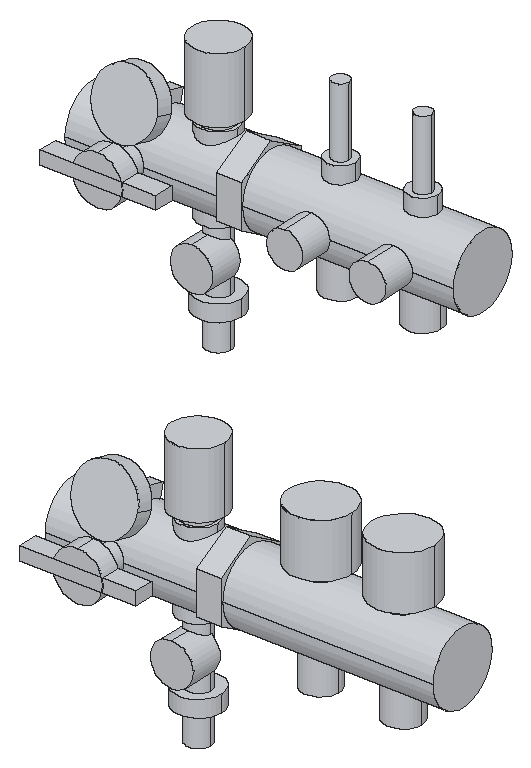
Revit family "318_f16c880827e94962872f661bd91b36", category Pipe Accessories, Revit 2017
Family settings
  Round Connector Dimension = Use Diameter
  Part Type = Valve - Normal
  Work Plane-Based = No
  Always vertical = Yes
  Cut with Voids When Loaded = No
  Shared = No
Parameters (values of type "R553FK102")
  magi_piping_qv_2_2 [instance] = 0.0 L/s
  magi_piping_qv_2_1 [instance] = 0.0 L/s
  magi_piping_qv_1_2 [instance] = 0.0 L/s
  magi_piping_qv_1_1 [instance] = 0.0 L/s
  magi_piping_qv [instance] = 0.0 L/s
  magi_piping_power_2 [instance] = 0 W
  magi_piping_power_1 [instance] = 0 W
  magi_piping_kv_2 [instance] = 0
  magi_piping_kv_1 [instance] = 0
  magi_piping_dpTot_2 [instance] = 0.0 Pa
  magi_piping_dpTot_1 [instance] = 0.0 Pa
  magi_adjustmentValue_2 [instance] = ""
  magi_adjustmentValue_1 [instance] = ""
  magiProductId = "f16c880827e94962872f661bd91b36"
  magiProductFamilyId = "f16c880827e94962872f661bd91b36"
  magiProductCode = "R553FK102"
  magiPartTypeId = 318
  Y = 15 mm
  VersionID = "2.0/2016.10.37.0/GIACOMINI_R553FK_001"
  URL = "http://www.giacomini.com/en"
  SMP = 25 mm
  SBP9 = 18 mm
  SBP8 = 18 mm
  SBP7 = 18 mm
  SBP6 = 18 mm
  SBP5 = 18 mm
  SBP4 = 18 mm
  SBP3 = 18 mm
  SBP2 = 18 mm
  SBP12 = 18 mm
  SBP11 = 18 mm
  SBP10 = 18 mm
  SBP1 = 18 mm
  RMP = 25 mm
  RBP9 = 18 mm
  RBP8 = 18 mm
  RBP7 = 18 mm
  RBP6 = 18 mm
  RBP5 = 18 mm
  RBP4 = 18 mm
  RBP3 = 18 mm
  RBP2 = 18 mm
  RBP12 = 18 mm
  RBP11 = 18 mm
  RBP10 = 18 mm
  RBP1 = 18 mm
  R2 = 22 mm
  QmdConnectorList = "321;SMP;322;SBP1;323;SBP2;351;RMP;352;RBP1;353;RBP2"
  Productdata [instance] = "© Progman Oy, all rights reserved"
  N9 = no
  N8 = no
  N7 = no
  N6 = no
  N5 = no
  N4 = no
  N3 = no
  N12 = no
  N11 = no
  N10 = no
  Manufacturer = "Giacomini"
  MC_Default_elevation = 0 mm
  L = 235 mm
  I = 50 mm
  H5 = 33 mm
  H4 = 5 mm
  H3__ve = -H3  # -40 mm
  H3 = 40 mm
  H2__ve = -H2  # -20 mm
  H2 = 20 mm
  H12 = 42 mm
  H11 = 10 mm
  Flow supply main [instance] = Flow supply 1 + Flow supply 2  # 0.0 L/s
  Flow supply 2 [instance] = 0.0 L/s
  Flow supply 1 [instance] = 0.0 L/s
  Flow return main [instance] = Flow return 1 + Flow return 2  # 0.0 L/s
  Flow return 2 [instance] = 0.0 L/s
  Flow return 1 [instance] = 0.0 L/s
  E = 208 mm
  Description = "PREASSEMBLED MANIFOLD KIT WITH FLOW METERS"
  D5 = 38 mm
  D4 = 22 mm
  D32 = 10 mm
  D31 = 18 mm
  D2 = 44 mm
  CAT0 = yes
  A = 149 mm
Reference planes
  plane 1 "Center (Front/Back)": y = 0
  plane 2 "XYPLANE": z = 0
  plane 3 "Center (Left/Right)": x = 0
  plane 4 "INIT_TEMP": y = 100
  plane 5 "414": y = -48
  plane 6 "413": z = -178
  plane 7 "412": y = -30
  plane 8 "411": z = -178
  plane 9 "410": z = -274
  plane 10 "409": z = -254
  plane 11 "408": z = -234
  plane 12 "407": z = -177
  plane 13 "406": z = -182
  plane 14 "405": y = -15
  plane 15 "404": z = 30
  plane 16 "403": y = -33
  plane 17 "402": x = 38
  plane 18 "401": z = 30
  plane 19 "400": z = -66
  plane 20 "399": z = -46
  plane 21 "398": z = -26
  plane 22 "397": z = 31
  plane 23 "396": x = 92
  plane 24 "395": z = 26
  plane 25 "394": x = 75
  plane 26 "393": z = -248
  plane 27 "392": z = -181
  plane 28 "391": z = -186
  plane 29 "390": z = -40
  plane 30 "389": x = 0
  plane 31 "388": y = 0
  plane 32 "387": y = -15
  plane 33 "386": z = -208
  plane 34 "385": z = 0
  plane 35 "384": z = 22
  plane 36 "383": x = 149
  plane 37 "382": x = 199
  plane 38 "381": y = -22
  plane 39 "380": x = 249
  plane 40 "379": z = 32
  plane 41 "378": x = 299
  plane 42 "377": x = 349
  plane 43 "376": x = 399
  plane 44 "375": x = 449
  plane 45 "374": x = 499
  plane 46 "373": x = 549
  plane 47 "372": x = 599
  plane 48 "371": x = 649
  plane 49 "370": x = 699
  plane 50 "1126": through (-712, -15, -178) normal (0, -0.2588, -0.9659)
  plane 51 "1127": through (-712, -30, -178) normal (0, 0.9659, -0.2588)
  plane 52 "1128": through (-712, -15, 30) normal (0, -0.9659, 0.2588)
  plane 53 "1129": through (-712, 0, 30) normal (0, 0.2588, 0.9659)
Forms (mm)
  Extrusion 1, solid
    sketch origin (750, -48, 0) x (-1, 0, 0) y (0, 0, 1)
      loop
        circle (712, -208) r 15
    from 0 to -12
  Extrusion 2, solid
    sketch origin (-712, -15, -178) x (1, 0, 0) y (0, -0.965926, 0.258819)
      loop
        line (746, -15) -> (754, -15) -> (754, 15) -> (746, 15) -> (746, -15)
    from 0 to 18
  Extrusion 3, solid
    sketch origin (750, -15, 0) x (-1, 0, 0) y (0, 0, 1)
      loop
        circle (712, -208) r 9
    from 0 to -33
  Extrusion 4, solid
    sketch origin (750, -48, 0) x (-1, 0, 0) y (0, 0, 1)
      loop
        line (677, -204) -> (677, -212) -> (747, -212) -> (747, -204) -> (677, -204)
    from 0 to -12
  Extrusion 5, solid
    sketch origin (-712, -30, -178) x (1, 0, 0) y (0, -0.258819, -0.965926)
      loop
        circle (750, 0) r 20
    from 0 to -10
  Extrusion 6, solid
    sketch origin (-750, 0, -182) x (1, 0, 0) y (0, 1, 0)
      loop
        circle (825, -15) r 12
    from 0 to -52
  Extrusion 7, solid
    sketch origin (92, -750, 0) x (0, 1, 0) y (0, 0, 1)
      loop
        line (735, -182) -> (712.483, -195) -> (712.483, -221) -> (735, -234) -> (757.517, -221) -> (757.517, -195) -> (735, -182)
    from 0 to 15
  Extrusion 8, solid
    sketch origin (-750, 0, -182) x (1, 0, 0) y (0, 1, 0)
      loop
        circle (825, -15) r 10
    from 0 to 5
  Extrusion 9, solid
    sketch origin (-750, 0, -177) x (1, 0, 0) y (0, 1, 0)
      loop
        circle (825, -15) r 16
    from 0 to 40
  Extrusion 10, solid
    sketch origin (-750, 0, -234) x (1, 0, 0) y (0, 1, 0)
      loop
        circle (825, -15) r 7.5
    from 0 to -70
  Extrusion 11, solid
    sketch origin (750, -15, 0) x (-1, 0, 0) y (0, 0, 1)
      loop
        circle (675, -254) r 13
    from 0 to -20
  Extrusion 12, solid
    sketch origin (-750, 0, -274) x (1, 0, 0) y (0, 1, 0)
      loop
        circle (825, -15) r 14
    from 0 to -10
  Extrusion 13, solid
    sketch origin (-712, -15, 30) x (1, 0, 0) y (0, 0.258819, 0.965926)
      loop
        circle (750, 0) r 20
    from 0 to 10
  Extrusion 14, solid
    sketch origin (750, -33, 0) x (-1, 0, 0) y (0, 0, 1)
      loop
        line (677, 4) -> (677, -4) -> (747, -4) -> (747, 4) -> (677, 4)
    from 0 to -12
  Extrusion 15, solid
    sketch origin (750, 0, 0) x (-1, 0, 0) y (0, 0, 1)
      loop
        circle (712, 0) r 9
    from 0 to -33
  Extrusion 16, solid
    sketch origin (-712, 0, 30) x (1, 0, 0) y (0, 0.965926, -0.258819)
      loop
        line (746, 15) -> (746, -15) -> (754, -15) -> (754, 15) -> (746, 15)
    from 0 to -18
  Extrusion 17, solid
    sketch origin (750, -33, 0) x (-1, 0, 0) y (0, 0, 1)
      loop
        circle (712, 0) r 15
    from 0 to -12
  Extrusion 18, solid
    sketch origin (-750, 0, -66) x (1, 0, 0) y (0, 1, 0)
      loop
        circle (825, 0) r 14
    from 0 to -10
  Extrusion 19, solid
    sketch origin (750, 0, 0) x (-1, 0, 0) y (0, 0, 1)
      loop
        circle (675, -46) r 13
    from 0 to -20
  Extrusion 20, solid
    sketch origin (-750, 0, -26) x (1, 0, 0) y (0, 1, 0)
      loop
        circle (825, 0) r 7.5
    from 0 to -70
  Extrusion 21, solid
    sketch origin (-750, 0, 31) x (1, 0, 0) y (0, 1, 0)
      loop
        circle (825, 0) r 16
    from 0 to 40
  Extrusion 22, solid
    sketch origin (-750, 0, 26) x (1, 0, 0) y (0, 1, 0)
      loop
        circle (825, 0) r 10
    from 0 to 5
  Extrusion 23, solid
    sketch origin (92, -750, 0) x (0, 1, 0) y (0, 0, 1)
      loop
        line (750, 26) -> (727.483, 13) -> (727.483, -13) -> (750, -26) -> (772.517, -13) -> (772.517, 13) -> (750, 26)
    from 0 to 15
  Extrusion 24, solid
    sketch origin (-750, 0, 26) x (1, 0, 0) y (0, 1, 0)
      loop
        circle (825, 0) r 12
    from 0 to -52
  Extrusion 25, solid, visible <- "N10"
    sketch origin (-750, 0, -208) x (1, 0, 0) y (0, 1, 0)
      loop
        circle (1349, -15) r 11
    from 0 to -40 <- "H3__ve"
  Extrusion 26, solid, visible <- "N10"
    sketch origin (-750, 0, -186) x (1, 0, 0) y (0, 1, 0)
      loop
        circle (1349, -15) r 11
    from 0 to 5 <- "H4"
  Extrusion 27, solid, visible <- "N10"
    sketch origin (-750, 0, -181) x (1, 0, 0) y (0, 1, 0)
      loop
        circle (1349, -15) r 19
    from 0 to 33 <- "H5"
  Extrusion 28, solid, visible <- "N12"
    sketch origin (-750, 0, -181) x (1, 0, 0) y (0, 1, 0)
      loop
        circle (1449, -15) r 19
    from 0 to 33 <- "H5"
  Extrusion 29, solid, visible <- "N12"
    sketch origin (-750, 0, -186) x (1, 0, 0) y (0, 1, 0)
      loop
        circle (1449, -15) r 11
    from 0 to 5 <- "H4"
  Extrusion 30, solid, visible <- "N12"
    sketch origin (-750, 0, -208) x (1, 0, 0) y (0, 1, 0)
      loop
        circle (1449, -15) r 11
    from 0 to -40 <- "H3__ve"
  Extrusion 31, solid, visible <- "N11"
    sketch origin (-750, 0, -208) x (1, 0, 0) y (0, 1, 0)
      loop
        circle (1399, -15) r 11
    from 0 to -40 <- "H3__ve"
  Extrusion 32, solid, visible <- "N11"
    sketch origin (-750, 0, -186) x (1, 0, 0) y (0, 1, 0)
      loop
        circle (1399, -15) r 11
    from 0 to 5 <- "H4"
  Extrusion 33, solid, visible <- "N11"
    sketch origin (-750, 0, -181) x (1, 0, 0) y (0, 1, 0)
      loop
        circle (1399, -15) r 19
    from 0 to 33 <- "H5"
  Extrusion 34, solid, visible <- "N8"
    sketch origin (-750, 0, -181) x (1, 0, 0) y (0, 1, 0)
      loop
        circle (1249, -15) r 19
    from 0 to 33 <- "H5"
  Extrusion 35, solid, visible <- "N8"
    sketch origin (-750, 0, -186) x (1, 0, 0) y (0, 1, 0)
      loop
        circle (1249, -15) r 11
    from 0 to 5 <- "H4"
  Extrusion 36, solid, visible <- "N8"
    sketch origin (-750, 0, -208) x (1, 0, 0) y (0, 1, 0)
      loop
        circle (1249, -15) r 11
    from 0 to -40 <- "H3__ve"
  Extrusion 37, solid, visible <- "N9"
    sketch origin (-750, 0, -208) x (1, 0, 0) y (0, 1, 0)
      loop
        circle (1299, -15) r 11
    from 0 to -40 <- "H3__ve"
  Extrusion 38, solid, visible <- "N9"
    sketch origin (-750, 0, -186) x (1, 0, 0) y (0, 1, 0)
      loop
        circle (1299, -15) r 11
    from 0 to 5 <- "H4"
  Extrusion 39, solid, visible <- "N9"
    sketch origin (-750, 0, -181) x (1, 0, 0) y (0, 1, 0)
      loop
        circle (1299, -15) r 19
    from 0 to 33 <- "H5"
  Extrusion 40, solid, visible <- "N7"
    sketch origin (-750, 0, -181) x (1, 0, 0) y (0, 1, 0)
      loop
        circle (1199, -15) r 19
    from 0 to 33 <- "H5"
  Extrusion 41, solid, visible <- "N7"
    sketch origin (-750, 0, -186) x (1, 0, 0) y (0, 1, 0)
      loop
        circle (1199, -15) r 11
    from 0 to 5 <- "H4"
  Extrusion 42, solid, visible <- "N7"
    sketch origin (-750, 0, -208) x (1, 0, 0) y (0, 1, 0)
      loop
        circle (1199, -15) r 11
    from 0 to -40 <- "H3__ve"
  Extrusion 43, solid, visible <- "N6"
    sketch origin (-750, 0, -208) x (1, 0, 0) y (0, 1, 0)
      loop
        circle (1149, -15) r 11
    from 0 to -40 <- "H3__ve"
  Extrusion 44, solid, visible <- "N6"
    sketch origin (-750, 0, -186) x (1, 0, 0) y (0, 1, 0)
      loop
        circle (1149, -15) r 11
    from 0 to 5 <- "H4"
  Extrusion 45, solid, visible <- "N6"
    sketch origin (-750, 0, -181) x (1, 0, 0) y (0, 1, 0)
      loop
        circle (1149, -15) r 19
    from 0 to 33 <- "H5"
  Extrusion 46, solid, visible <- "N5"
    sketch origin (-750, 0, -181) x (1, 0, 0) y (0, 1, 0)
      loop
        circle (1099, -15) r 19
    from 0 to 33 <- "H5"
  Extrusion 47, solid, visible <- "N5"
    sketch origin (-750, 0, -186) x (1, 0, 0) y (0, 1, 0)
      loop
        circle (1099, -15) r 11
    from 0 to 5 <- "H4"
  Extrusion 48, solid, visible <- "N5"
    sketch origin (-750, 0, -208) x (1, 0, 0) y (0, 1, 0)
      loop
        circle (1099, -15) r 11
    from 0 to -40 <- "H3__ve"
  Extrusion 49, solid, visible <- "N4"
    sketch origin (-750, 0, -208) x (1, 0, 0) y (0, 1, 0)
      loop
        circle (1049, -15) r 11
    from 0 to -40 <- "H3__ve"
  Extrusion 50, solid, visible <- "N4"
    sketch origin (-750, 0, -186) x (1, 0, 0) y (0, 1, 0)
      loop
        circle (1049, -15) r 11
    from 0 to 5 <- "H4"
  Extrusion 51, solid, visible <- "N4"
    sketch origin (-750, 0, -181) x (1, 0, 0) y (0, 1, 0)
      loop
        circle (1049, -15) r 19
    from 0 to 33 <- "H5"
  Extrusion 52, solid, visible <- "N3"
    sketch origin (-750, 0, -181) x (1, 0, 0) y (0, 1, 0)
      loop
        circle (999, -15) r 19
    from 0 to 33 <- "H5"
  Extrusion 53, solid, visible <- "N3"
    sketch origin (-750, 0, -186) x (1, 0, 0) y (0, 1, 0)
      loop
        circle (999, -15) r 11
    from 0 to 5 <- "H4"
  Extrusion 54, solid
    sketch origin (-750, 0, -186) x (1, 0, 0) y (0, 1, 0)
      loop
        circle (949, -15) r 11
    from 0 to 5 <- "H4"
  Extrusion 55, solid
    sketch origin (-750, 0, -181) x (1, 0, 0) y (0, 1, 0)
      loop
        circle (949, -15) r 19
    from 0 to 33 <- "H5"
  Extrusion 56, solid
    sketch origin (-750, 0, -181) x (1, 0, 0) y (0, 1, 0)
      loop
        circle (899, -15) r 19
    from 0 to 33 <- "H5"
  Extrusion 57, solid
    sketch origin (-750, 0, -186) x (1, 0, 0) y (0, 1, 0)
      loop
        circle (899, -15) r 11
    from 0 to 5 <- "H4"
  Extrusion 58, solid, visible <- "N3"
    sketch origin (-750, 0, -208) x (1, 0, 0) y (0, 1, 0)
      loop
        circle (999, -15) r 11
    from 0 to -40 <- "H3__ve"
  Extrusion 59, solid
    sketch origin (-750, 0, -208) x (1, 0, 0) y (0, 1, 0)
      loop
        circle (899, -15) r 11
    from 0 to -40 <- "H3__ve"
  Extrusion 60, solid
    sketch origin (-750, 0, -208) x (1, 0, 0) y (0, 1, 0)
      loop
        circle (949, -15) r 11
    from 0 to -40 <- "H3__ve"
  Extrusion 61, solid, visible <- "CAT0"
    sketch origin (0, -750, 0) x (0, 1, 0) y (0, 0, 1)
      loop
        circle (735, -208) r 22
    from 0 to 235 <- "L"
  Extrusion 62, solid, visible <- "N8"
    sketch origin (-750, 0, 0) x (1, 0, 0) y (0, 1, 0)
      loop
        circle (1249, 0) r 11
    from 0 to -40 <- "H3__ve"
  Extrusion 63, solid, visible <- "N9"
    sketch origin (-750, 0, 0) x (1, 0, 0) y (0, 1, 0)
      loop
        circle (1299, 0) r 11
    from 0 to -40 <- "H3__ve"
  Extrusion 64, solid, visible <- "N10"
    sketch origin (-750, 0, 0) x (1, 0, 0) y (0, 1, 0)
      loop
        circle (1349, 0) r 11
    from 0 to -40 <- "H3__ve"
  Extrusion 65, solid, visible <- "N11"
    sketch origin (-750, 0, 0) x (1, 0, 0) y (0, 1, 0)
      loop
        circle (1399, 0) r 11
    from 0 to -40 <- "H3__ve"
  Extrusion 66, solid, visible <- "N12"
    sketch origin (-750, 0, 0) x (1, 0, 0) y (0, 1, 0)
      loop
        circle (1449, 0) r 11
    from 0 to -40 <- "H3__ve"
  Extrusion 67, solid, visible <- "N7"
    sketch origin (-750, 0, 0) x (1, 0, 0) y (0, 1, 0)
      loop
        circle (1199, 0) r 11
    from 0 to -40 <- "H3__ve"
  Extrusion 68, solid, visible <- "N6"
    sketch origin (-750, 0, 0) x (1, 0, 0) y (0, 1, 0)
      loop
        circle (1149, 0) r 11
    from 0 to -40 <- "H3__ve"
  Extrusion 69, solid, visible <- "N5"
    sketch origin (-750, 0, 0) x (1, 0, 0) y (0, 1, 0)
      loop
        circle (1099, 0) r 11
    from 0 to -40 <- "H3__ve"
  Extrusion 70, solid, visible <- "N4"
    sketch origin (-750, 0, 0) x (1, 0, 0) y (0, 1, 0)
      loop
        circle (1049, 0) r 11
    from 0 to -40 <- "H3__ve"
  Extrusion 71, solid, visible <- "N3"
    sketch origin (-750, 0, 0) x (1, 0, 0) y (0, 1, 0)
      loop
        circle (999, 0) r 11
    from 0 to -40 <- "H3__ve"
  Extrusion 72, solid
    sketch origin (-750, 0, 0) x (1, 0, 0) y (0, 1, 0)
      loop
        circle (949, 0) r 11
    from 0 to -40 <- "H3__ve"
  Extrusion 73, solid
    sketch origin (-750, 0, 0) x (1, 0, 0) y (0, 1, 0)
      loop
        circle (899, 0) r 11
    from 0 to -40 <- "H3__ve"
  Extrusion 74, solid, visible <- "CAT0"
    sketch origin (0, -750, 0) x (0, 1, 0) y (0, 0, 1)
      loop
        circle (750, 0) r 22
    from 0 to 235 <- "L"
  Extrusion 75, solid
    sketch origin (-750, 0, 22) x (1, 0, 0) y (0, 1, 0)
      loop
        circle (899, 0) r 9
    from 0 to 10 <- "H11"
  Extrusion 76, solid
    sketch origin (750, -22, 0) x (-1, 0, 0) y (0, 0, 1)
      loop
        circle (601, 0) r 11
    from 0 to -20 <- "H2__ve"
  Extrusion 77, solid
    sketch origin (750, -22, 0) x (-1, 0, 0) y (0, 0, 1)
      loop
        circle (551, 0) r 11
    from 0 to -20 <- "H2__ve"
  Extrusion 78, solid, visible <- "N3"
    sketch origin (750, -22, 0) x (-1, 0, 0) y (0, 0, 1)
      loop
        circle (501, 0) r 11
    from 0 to -20 <- "H2__ve"
  Extrusion 79, solid
    sketch origin (-750, 0, 32) x (1, 0, 0) y (0, 1, 0)
      loop
        circle (899, 0) r 5
    from 0 to 42 <- "H12"
  Extrusion 80, solid
    sketch origin (-750, 0, 32) x (1, 0, 0) y (0, 1, 0)
      loop
        circle (949, 0) r 5
    from 0 to 42 <- "H12"
  Extrusion 81, solid
    sketch origin (-750, 0, 22) x (1, 0, 0) y (0, 1, 0)
      loop
        circle (949, 0) r 9
    from 0 to 10 <- "H11"
  Extrusion 82, solid, visible <- "N3"
    sketch origin (-750, 0, 22) x (1, 0, 0) y (0, 1, 0)
      loop
        circle (999, 0) r 9
    from 0 to 10 <- "H11"
  Extrusion 83, solid, visible <- "N3"
    sketch origin (-750, 0, 32) x (1, 0, 0) y (0, 1, 0)
      loop
        circle (999, 0) r 5
    from 0 to 42 <- "H12"
  Extrusion 84, solid, visible <- "N4"
    sketch origin (-750, 0, 32) x (1, 0, 0) y (0, 1, 0)
      loop
        circle (1049, 0) r 5
    from 0 to 42 <- "H12"
  Extrusion 85, solid, visible <- "N4"
    sketch origin (-750, 0, 22) x (1, 0, 0) y (0, 1, 0)
      loop
        circle (1049, 0) r 9
    from 0 to 10 <- "H11"
  Extrusion 86, solid, visible <- "N4"
    sketch origin (750, -22, 0) x (-1, 0, 0) y (0, 0, 1)
      loop
        circle (451, 0) r 11
    from 0 to -20 <- "H2__ve"
  Extrusion 87, solid, visible <- "N5"
    sketch origin (750, -22, 0) x (-1, 0, 0) y (0, 0, 1)
      loop
        circle (401, 0) r 11
    from 0 to -20 <- "H2__ve"
  Extrusion 88, solid, visible <- "N5"
    sketch origin (-750, 0, 22) x (1, 0, 0) y (0, 1, 0)
      loop
        circle (1099, 0) r 9
    from 0 to 10 <- "H11"
  Extrusion 89, solid, visible <- "N5"
    sketch origin (-750, 0, 32) x (1, 0, 0) y (0, 1, 0)
      loop
        circle (1099, 0) r 5
    from 0 to 42 <- "H12"
  Extrusion 90, solid, visible <- "N6"
    sketch origin (-750, 0, 32) x (1, 0, 0) y (0, 1, 0)
      loop
        circle (1149, 0) r 5
    from 0 to 42 <- "H12"
  Extrusion 91, solid, visible <- "N6"
    sketch origin (-750, 0, 22) x (1, 0, 0) y (0, 1, 0)
      loop
        circle (1149, 0) r 9
    from 0 to 10 <- "H11"
  Extrusion 92, solid, visible <- "N6"
    sketch origin (750, -22, 0) x (-1, 0, 0) y (0, 0, 1)
      loop
        circle (351, 0) r 11
    from 0 to -20 <- "H2__ve"
  Extrusion 93, solid, visible <- "N7"
    sketch origin (750, -22, 0) x (-1, 0, 0) y (0, 0, 1)
      loop
        circle (301, 0) r 11
    from 0 to -20 <- "H2__ve"
  Extrusion 94, solid, visible <- "N7"
    sketch origin (-750, 0, 22) x (1, 0, 0) y (0, 1, 0)
      loop
        circle (1199, 0) r 9
    from 0 to 10 <- "H11"
  Extrusion 95, solid, visible <- "N7"
    sketch origin (-750, 0, 32) x (1, 0, 0) y (0, 1, 0)
      loop
        circle (1199, 0) r 5
    from 0 to 42 <- "H12"
  Extrusion 96, solid, visible <- "N8"
    sketch origin (-750, 0, 32) x (1, 0, 0) y (0, 1, 0)
      loop
        circle (1249, 0) r 5
    from 0 to 42 <- "H12"
  Extrusion 97, solid, visible <- "N8"
    sketch origin (-750, 0, 22) x (1, 0, 0) y (0, 1, 0)
      loop
        circle (1249, 0) r 9
    from 0 to 10 <- "H11"
  Extrusion 98, solid, visible <- "N8"
    sketch origin (750, -22, 0) x (-1, 0, 0) y (0, 0, 1)
      loop
        circle (251, 0) r 11
    from 0 to -20 <- "H2__ve"
  Extrusion 99, solid, visible <- "N10"
    sketch origin (750, -22, 0) x (-1, 0, 0) y (0, 0, 1)
      loop
        circle (151, 0) r 11
    from 0 to -20 <- "H2__ve"
  Extrusion 100, solid, visible <- "N10"
    sketch origin (-750, 0, 22) x (1, 0, 0) y (0, 1, 0)
      loop
        circle (1349, 0) r 9
    from 0 to 10 <- "H11"
  Extrusion 101, solid, visible <- "N10"
    sketch origin (-750, 0, 32) x (1, 0, 0) y (0, 1, 0)
      loop
        circle (1349, 0) r 5
    from 0 to 42 <- "H12"
  Extrusion 102, solid, visible <- "N9"
    sketch origin (-750, 0, 32) x (1, 0, 0) y (0, 1, 0)
      loop
        circle (1299, 0) r 5
    from 0 to 42 <- "H12"
  Extrusion 103, solid, visible <- "N9"
    sketch origin (-750, 0, 22) x (1, 0, 0) y (0, 1, 0)
      loop
        circle (1299, 0) r 9
    from 0 to 10 <- "H11"
  Extrusion 104, solid, visible <- "N9"
    sketch origin (750, -22, 0) x (-1, 0, 0) y (0, 0, 1)
      loop
        circle (201, 0) r 11
    from 0 to -20 <- "H2__ve"
  Extrusion 105, solid, visible <- "N11"
    sketch origin (-750, 0, 32) x (1, 0, 0) y (0, 1, 0)
      loop
        circle (1399, 0) r 5
    from 0 to 42 <- "H12"
  Extrusion 106, solid, visible <- "N11"
    sketch origin (-750, 0, 22) x (1, 0, 0) y (0, 1, 0)
      loop
        circle (1399, 0) r 9
    from 0 to 10 <- "H11"
  Extrusion 107, solid, visible <- "N11"
    sketch origin (750, -22, 0) x (-1, 0, 0) y (0, 0, 1)
      loop
        circle (101, 0) r 11
    from 0 to -20 <- "H2__ve"
  Extrusion 108, solid, visible <- "N12"
    sketch origin (750, -22, 0) x (-1, 0, 0) y (0, 0, 1)
      loop
        circle (51, 0) r 11
    from 0 to -20 <- "H2__ve"
  Extrusion 109, solid, visible <- "N12"
    sketch origin (-750, 0, 22) x (1, 0, 0) y (0, 1, 0)
      loop
        circle (1449, 0) r 9
    from 0 to 10 <- "H11"
  Extrusion 110, solid, visible <- "N12"
    sketch origin (-750, 0, 32) x (1, 0, 0) y (0, 1, 0)
      loop
        circle (1449, 0) r 5
    from 0 to 42 <- "H12"
  Extrusion 111, solid, not visible
    sketch origin (-750, 0, -248) x (1, 0, 0) y (0, 1, 0)
      loop
        circle (949, -15) r 10
    from 0 to 10
  Extrusion 112, solid, not visible
    sketch origin (-750, 0, -248) x (1, 0, 0) y (0, 1, 0)
      loop
        circle (899, -15) r 10
    from 0 to 10
  Extrusion 113, solid, not visible
    sketch origin (0, -750, 0) x (0, 1, 0) y (0, 0, 1)
      loop
        circle (750, 0) r 10
    from 0 to 10
  Extrusion 114, solid, not visible
    sketch origin (0, -750, 0) x (0, 1, 0) y (0, 0, 1)
      loop
        circle (735, -208) r 10
    from 0 to 10
  Extrusion 115, solid, not visible
    sketch origin (-750, 0, -40) x (1, 0, 0) y (0, 1, 0)
      loop
        circle (899, 0) r 10
    from 0 to 10
  Extrusion 116, solid, not visible
    sketch origin (-750, 0, -40) x (1, 0, 0) y (0, 1, 0)
      loop
        circle (949, 0) r 10
    from 0 to 10
Text (mm)
  text "© Progman Oy, all rights reserved" at (-472.209, -2482.653, 0), in view "Ref. Level"
Dimensions and locks
  plane 4 "INIT_TEMP" to plane 1 "Center (Front/Back)" = 100 mm
  locked: plane 32 "387" to plane 5 "414" at 33
  locked: plane 33 "386" to plane 6 "413" at 30
  locked: plane 32 "387" to plane 7 "412" at 15
  locked: plane 33 "386" to plane 8 "411" at 30
  locked: plane 11 "408" to plane 9 "410" at 40
  locked: plane 11 "408" to plane 10 "409" at 20
  locked: plane 13 "406" to plane 11 "408" at 52
  locked: plane 13 "406" to plane 12 "407" at 5
  locked: plane 33 "386" to plane 13 "406" at 26
  locked: plane 1 "Center (Front/Back)" to plane 14 "405" at 15
  locked: plane 2 "XYPLANE" to plane 15 "404" at 30
  locked: plane 1 "Center (Front/Back)" to plane 16 "403" at 33
  locked: plane 3 "Center (Left/Right)" to plane 17 "402" at 38
  locked: plane 2 "XYPLANE" to plane 18 "401" at 30
  locked: plane 21 "398" to plane 19 "400" at 40
  locked: plane 21 "398" to plane 20 "399" at 20
  locked: plane 24 "395" to plane 21 "398" at 52
  locked: plane 24 "395" to plane 22 "397" at 5
  locked: plane 25 "394" to plane 23 "396" at 17
  locked: plane 2 "XYPLANE" to plane 24 "395" at 26
  locked: plane 3 "Center (Left/Right)" to plane 25 "394" at 75
  "H3": plane 33 "386" to plane 26 "393"
  "H4": plane 28 "391" to plane 27 "392"
  "R2": plane 33 "386" to plane 28 "391"
  "H3": plane 2 "XYPLANE" to plane 29 "390"
  locked: plane 3 "Center (Left/Right)" to plane 30 "389"
  locked: plane 1 "Center (Front/Back)" to plane 31 "388"
  "Y": plane 1 "Center (Front/Back)" to plane 32 "387"
  "E": plane 2 "XYPLANE" to plane 33 "386"
  locked: plane 2 "XYPLANE" to plane 34 "385"
  "R2": plane 2 "XYPLANE" to plane 35 "384"
  "A": plane 3 "Center (Left/Right)" to plane 36 "383"
  "I": plane 36 "383" to plane 37 "382"
  "R2": plane 1 "Center (Front/Back)" to plane 38 "381"
  "I": plane 37 "382" to plane 39 "380"
  "H11": plane 35 "384" to plane 40 "379"
  "I": plane 39 "380" to plane 41 "378"
  "I": plane 41 "378" to plane 42 "377"
  "I": plane 42 "377" to plane 43 "376"
  "I": plane 43 "376" to plane 44 "375"
  "I": plane 44 "375" to plane 45 "374"
  "I": plane 45 "374" to plane 46 "373"
  "I": plane 46 "373" to plane 47 "372"
  "I": plane 47 "372" to plane 48 "371"
  "I": plane 48 "371" to plane 49 "370"
  "D4": diameter of Extrusion 25 sketch curve
  "D4": diameter of Extrusion 26 sketch curve
  "D5": diameter of Extrusion 27 sketch curve
  "D5": diameter of Extrusion 28 sketch curve
  "D4": diameter of Extrusion 29 sketch curve
  "D4": diameter of Extrusion 30 sketch curve
  "D4": diameter of Extrusion 31 sketch curve
  "D4": diameter of Extrusion 32 sketch curve
  "D5": diameter of Extrusion 33 sketch curve
  "D5": diameter of Extrusion 34 sketch curve
  "D4": diameter of Extrusion 35 sketch curve
  "D4": diameter of Extrusion 36 sketch curve
  "D4": diameter of Extrusion 37 sketch curve
  "D4": diameter of Extrusion 38 sketch curve
  "D5": diameter of Extrusion 39 sketch curve
  "D5": diameter of Extrusion 40 sketch curve
  "D4": diameter of Extrusion 41 sketch curve
  "D4": diameter of Extrusion 42 sketch curve
  "D4": diameter of Extrusion 43 sketch curve
  "D4": diameter of Extrusion 44 sketch curve
  "D5": diameter of Extrusion 45 sketch curve
  "D5": diameter of Extrusion 46 sketch curve
  "D4": diameter of Extrusion 47 sketch curve
  "D4": diameter of Extrusion 48 sketch curve
  "D4": diameter of Extrusion 49 sketch curve
  "D4": diameter of Extrusion 50 sketch curve
  "D5": diameter of Extrusion 51 sketch curve
  "D5": diameter of Extrusion 52 sketch curve
  "D4": diameter of Extrusion 53 sketch curve
  "D4": diameter of Extrusion 54 sketch curve
  "D5": diameter of Extrusion 55 sketch curve
  "D5": diameter of Extrusion 56 sketch curve
  "D4": diameter of Extrusion 57 sketch curve
  "D4": diameter of Extrusion 58 sketch curve
  "D4": diameter of Extrusion 59 sketch curve
  "D4": diameter of Extrusion 60 sketch curve
  "D2": diameter of Extrusion 61 sketch curve
  "D4": diameter of Extrusion 62 sketch curve
  "D4": diameter of Extrusion 63 sketch curve
  "D4": diameter of Extrusion 64 sketch curve
  "D4": diameter of Extrusion 65 sketch curve
  "D4": diameter of Extrusion 66 sketch curve
  "D4": diameter of Extrusion 67 sketch curve
  "D4": diameter of Extrusion 68 sketch curve
  "D4": diameter of Extrusion 69 sketch curve
  "D4": diameter of Extrusion 70 sketch curve
  "D4": diameter of Extrusion 71 sketch curve
  "D4": diameter of Extrusion 72 sketch curve
  "D4": diameter of Extrusion 73 sketch curve
  "D2": diameter of Extrusion 74 sketch curve
  "D31": diameter of Extrusion 75 sketch curve
  "D4": diameter of Extrusion 76 sketch curve
  "D4": diameter of Extrusion 77 sketch curve
  "D4": diameter of Extrusion 78 sketch curve
  "D32": diameter of Extrusion 79 sketch curve
  "D32": diameter of Extrusion 80 sketch curve
  "D31": diameter of Extrusion 81 sketch curve
  "D31": diameter of Extrusion 82 sketch curve
  "D32": diameter of Extrusion 83 sketch curve
  "D32": diameter of Extrusion 84 sketch curve
  "D31": diameter of Extrusion 85 sketch curve
  "D4": diameter of Extrusion 86 sketch curve
  "D4": diameter of Extrusion 87 sketch curve
  "D31": diameter of Extrusion 88 sketch curve
  "D32": diameter of Extrusion 89 sketch curve
  "D32": diameter of Extrusion 90 sketch curve
  "D31": diameter of Extrusion 91 sketch curve
  "D4": diameter of Extrusion 92 sketch curve
  "D4": diameter of Extrusion 93 sketch curve
  "D31": diameter of Extrusion 94 sketch curve
  "D32": diameter of Extrusion 95 sketch curve
  "D32": diameter of Extrusion 96 sketch curve
  "D31": diameter of Extrusion 97 sketch curve
  "D4": diameter of Extrusion 98 sketch curve
  "D4": diameter of Extrusion 99 sketch curve
  "D31": diameter of Extrusion 100 sketch curve
  "D32": diameter of Extrusion 101 sketch curve
  "D32": diameter of Extrusion 102 sketch curve
  "D31": diameter of Extrusion 103 sketch curve
  "D4": diameter of Extrusion 104 sketch curve
  "D32": diameter of Extrusion 105 sketch curve
  "D31": diameter of Extrusion 106 sketch curve
  "D4": diameter of Extrusion 107 sketch curve
  "D4": diameter of Extrusion 108 sketch curve
  "D31": diameter of Extrusion 109 sketch curve
  "D32": diameter of Extrusion 110 sketch curve
  aligned and locked: level to plane 2 "XYPLANE"
  aligned and locked: plane 17 "402" to Extrusion 1 sketch curve
  aligned and locked: plane 33 "386" to Extrusion 1 sketch curve
  aligned and locked: plane 17 "402" to Extrusion 3 sketch curve
  aligned and locked: plane 33 "386" to Extrusion 3 sketch curve
  aligned and locked: plane 17 "402" to Extrusion 5 sketch curve
  aligned and locked: plane 25 "394" to Extrusion 6 sketch curve
  aligned and locked: plane 32 "387" to Extrusion 6 sketch curve
  aligned and locked: plane 25 "394" to Extrusion 8 sketch curve
  aligned and locked: plane 32 "387" to Extrusion 8 sketch curve
  aligned and locked: plane 25 "394" to Extrusion 9 sketch curve
  aligned and locked: plane 32 "387" to Extrusion 9 sketch curve
  aligned and locked: plane 25 "394" to Extrusion 10 sketch curve
  aligned and locked: plane 32 "387" to Extrusion 10 sketch curve
  aligned and locked: plane 10 "409" to Extrusion 11 sketch curve
  aligned and locked: plane 25 "394" to Extrusion 11 sketch curve
  aligned and locked: plane 25 "394" to Extrusion 12 sketch curve
  aligned and locked: plane 32 "387" to Extrusion 12 sketch curve
  aligned and locked: plane 17 "402" to Extrusion 13 sketch curve
  aligned and locked: plane 17 "402" to Extrusion 15 sketch curve
  aligned and locked: plane 34 "385" to Extrusion 15 sketch curve
  aligned and locked: plane 17 "402" to Extrusion 17 sketch curve
  aligned and locked: plane 34 "385" to Extrusion 17 sketch curve
  aligned and locked: plane 25 "394" to Extrusion 18 sketch curve
  aligned and locked: plane 31 "388" to Extrusion 18 sketch curve
  aligned and locked: plane 20 "399" to Extrusion 19 sketch curve
  aligned and locked: plane 25 "394" to Extrusion 19 sketch curve
  aligned and locked: plane 25 "394" to Extrusion 20 sketch curve
  aligned and locked: plane 31 "388" to Extrusion 20 sketch curve
  aligned and locked: plane 25 "394" to Extrusion 21 sketch curve
  aligned and locked: plane 31 "388" to Extrusion 21 sketch curve
  aligned and locked: plane 25 "394" to Extrusion 22 sketch curve
  aligned and locked: plane 31 "388" to Extrusion 22 sketch curve
  aligned and locked: plane 25 "394" to Extrusion 24 sketch curve
  aligned and locked: plane 31 "388" to Extrusion 24 sketch curve
  aligned and locked: plane 32 "387" to Extrusion 25 sketch curve
  aligned and locked: plane 47 "372" to Extrusion 25 sketch curve
  aligned and locked: plane 32 "387" to Extrusion 26 sketch curve
  aligned and locked: plane 47 "372" to Extrusion 26 sketch curve
  aligned and locked: plane 32 "387" to Extrusion 27 sketch curve
  aligned and locked: plane 47 "372" to Extrusion 27 sketch curve
  aligned and locked: plane 32 "387" to Extrusion 28 sketch curve
  aligned and locked: plane 49 "370" to Extrusion 28 sketch curve
  aligned and locked: plane 32 "387" to Extrusion 29 sketch curve
  aligned and locked: plane 49 "370" to Extrusion 29 sketch curve
  aligned and locked: plane 32 "387" to Extrusion 30 sketch curve
  aligned and locked: plane 49 "370" to Extrusion 30 sketch curve
  aligned and locked: plane 32 "387" to Extrusion 31 sketch curve
  aligned and locked: plane 48 "371" to Extrusion 31 sketch curve
  aligned and locked: plane 32 "387" to Extrusion 32 sketch curve
  aligned and locked: plane 48 "371" to Extrusion 32 sketch curve
  aligned and locked: plane 32 "387" to Extrusion 33 sketch curve
  aligned and locked: plane 48 "371" to Extrusion 33 sketch curve
  aligned and locked: plane 32 "387" to Extrusion 34 sketch curve
  aligned and locked: plane 45 "374" to Extrusion 34 sketch curve
  aligned and locked: plane 32 "387" to Extrusion 35 sketch curve
  aligned and locked: plane 45 "374" to Extrusion 35 sketch curve
  aligned and locked: plane 32 "387" to Extrusion 36 sketch curve
  aligned and locked: plane 45 "374" to Extrusion 36 sketch curve
  aligned and locked: plane 32 "387" to Extrusion 37 sketch curve
  aligned and locked: plane 46 "373" to Extrusion 37 sketch curve
  aligned and locked: plane 32 "387" to Extrusion 38 sketch curve
  aligned and locked: plane 46 "373" to Extrusion 38 sketch curve
  aligned and locked: plane 32 "387" to Extrusion 39 sketch curve
  aligned and locked: plane 46 "373" to Extrusion 39 sketch curve
  aligned and locked: plane 32 "387" to Extrusion 40 sketch curve
  aligned and locked: plane 44 "375" to Extrusion 40 sketch curve
  aligned and locked: plane 32 "387" to Extrusion 41 sketch curve
  aligned and locked: plane 44 "375" to Extrusion 41 sketch curve
  aligned and locked: plane 32 "387" to Extrusion 42 sketch curve
  aligned and locked: plane 44 "375" to Extrusion 42 sketch curve
  aligned and locked: plane 32 "387" to Extrusion 43 sketch curve
  aligned and locked: plane 43 "376" to Extrusion 43 sketch curve
  aligned and locked: plane 32 "387" to Extrusion 44 sketch curve
  aligned and locked: plane 43 "376" to Extrusion 44 sketch curve
  aligned and locked: plane 32 "387" to Extrusion 45 sketch curve
  aligned and locked: plane 43 "376" to Extrusion 45 sketch curve
  aligned and locked: plane 32 "387" to Extrusion 46 sketch curve
  aligned and locked: plane 42 "377" to Extrusion 46 sketch curve
  aligned and locked: plane 32 "387" to Extrusion 47 sketch curve
  aligned and locked: plane 42 "377" to Extrusion 47 sketch curve
  aligned and locked: plane 32 "387" to Extrusion 48 sketch curve
  aligned and locked: plane 42 "377" to Extrusion 48 sketch curve
  aligned and locked: plane 32 "387" to Extrusion 49 sketch curve
  aligned and locked: plane 41 "378" to Extrusion 49 sketch curve
  aligned and locked: plane 32 "387" to Extrusion 50 sketch curve
  aligned and locked: plane 41 "378" to Extrusion 50 sketch curve
  aligned and locked: plane 32 "387" to Extrusion 51 sketch curve
  aligned and locked: plane 41 "378" to Extrusion 51 sketch curve
  aligned and locked: plane 32 "387" to Extrusion 52 sketch curve
  aligned and locked: plane 39 "380" to Extrusion 52 sketch curve
  aligned and locked: plane 32 "387" to Extrusion 53 sketch curve
  aligned and locked: plane 39 "380" to Extrusion 53 sketch curve
  aligned and locked: plane 32 "387" to Extrusion 54 sketch curve
  aligned and locked: plane 37 "382" to Extrusion 54 sketch curve
  aligned and locked: plane 32 "387" to Extrusion 55 sketch curve
  aligned and locked: plane 37 "382" to Extrusion 55 sketch curve
  aligned and locked: plane 32 "387" to Extrusion 56 sketch curve
  aligned and locked: plane 36 "383" to Extrusion 56 sketch curve
  aligned and locked: plane 32 "387" to Extrusion 57 sketch curve
  aligned and locked: plane 36 "383" to Extrusion 57 sketch curve
  aligned and locked: plane 32 "387" to Extrusion 58 sketch curve
  aligned and locked: plane 39 "380" to Extrusion 58 sketch curve
  aligned and locked: plane 32 "387" to Extrusion 59 sketch curve
  aligned and locked: plane 36 "383" to Extrusion 59 sketch curve
  aligned and locked: plane 32 "387" to Extrusion 60 sketch curve
  aligned and locked: plane 37 "382" to Extrusion 60 sketch curve
  aligned and locked: Extrusion 61 sketch curve to plane 32 "387"
  aligned and locked: plane 33 "386" to Extrusion 61 sketch curve
  aligned and locked: plane 31 "388" to Extrusion 62 sketch curve
  aligned and locked: plane 45 "374" to Extrusion 62 sketch curve
  aligned and locked: plane 31 "388" to Extrusion 63 sketch curve
  aligned and locked: plane 46 "373" to Extrusion 63 sketch curve
  aligned and locked: plane 31 "388" to Extrusion 64 sketch curve
  aligned and locked: plane 47 "372" to Extrusion 64 sketch curve
  aligned and locked: plane 31 "388" to Extrusion 65 sketch curve
  aligned and locked: plane 48 "371" to Extrusion 65 sketch curve
  aligned and locked: plane 31 "388" to Extrusion 66 sketch curve
  aligned and locked: plane 49 "370" to Extrusion 66 sketch curve
  aligned and locked: plane 31 "388" to Extrusion 67 sketch curve
  aligned and locked: plane 44 "375" to Extrusion 67 sketch curve
  aligned and locked: plane 31 "388" to Extrusion 68 sketch curve
  aligned and locked: plane 43 "376" to Extrusion 68 sketch curve
  aligned and locked: plane 31 "388" to Extrusion 69 sketch curve
  aligned and locked: plane 42 "377" to Extrusion 69 sketch curve
  aligned and locked: plane 31 "388" to Extrusion 70 sketch curve
  aligned and locked: plane 41 "378" to Extrusion 70 sketch curve
  aligned and locked: plane 31 "388" to Extrusion 71 sketch curve
  aligned and locked: plane 39 "380" to Extrusion 71 sketch curve
  aligned and locked: plane 31 "388" to Extrusion 72 sketch curve
  aligned and locked: plane 37 "382" to Extrusion 72 sketch curve
  aligned and locked: plane 31 "388" to Extrusion 73 sketch curve
  aligned and locked: plane 36 "383" to Extrusion 73 sketch curve
  aligned and locked: Extrusion 74 sketch curve to plane 31 "388"
  aligned and locked: plane 34 "385" to Extrusion 74 sketch curve
  aligned and locked: plane 31 "388" to Extrusion 75 sketch curve
  aligned and locked: plane 36 "383" to Extrusion 75 sketch curve
  aligned and locked: plane 34 "385" to Extrusion 76 sketch curve
  aligned and locked: plane 36 "383" to Extrusion 76 sketch curve
  aligned and locked: plane 34 "385" to Extrusion 77 sketch curve
  aligned and locked: plane 37 "382" to Extrusion 77 sketch curve
  aligned and locked: plane 34 "385" to Extrusion 78 sketch curve
  aligned and locked: plane 39 "380" to Extrusion 78 sketch curve
  aligned and locked: plane 31 "388" to Extrusion 79 sketch curve
  aligned and locked: plane 36 "383" to Extrusion 79 sketch curve
  aligned and locked: plane 31 "388" to Extrusion 80 sketch curve
  aligned and locked: plane 37 "382" to Extrusion 80 sketch curve
  aligned and locked: plane 31 "388" to Extrusion 81 sketch curve
  aligned and locked: plane 37 "382" to Extrusion 81 sketch curve
  aligned and locked: plane 31 "388" to Extrusion 82 sketch curve
  aligned and locked: plane 39 "380" to Extrusion 82 sketch curve
  aligned and locked: plane 31 "388" to Extrusion 83 sketch curve
  aligned and locked: plane 39 "380" to Extrusion 83 sketch curve
  aligned and locked: plane 31 "388" to Extrusion 84 sketch curve
  aligned and locked: plane 41 "378" to Extrusion 84 sketch curve
  aligned and locked: plane 31 "388" to Extrusion 85 sketch curve
  aligned and locked: plane 41 "378" to Extrusion 85 sketch curve
  aligned and locked: plane 34 "385" to Extrusion 86 sketch curve
  aligned and locked: plane 41 "378" to Extrusion 86 sketch curve
  aligned and locked: plane 34 "385" to Extrusion 87 sketch curve
  aligned and locked: plane 42 "377" to Extrusion 87 sketch curve
  aligned and locked: plane 31 "388" to Extrusion 88 sketch curve
  aligned and locked: plane 42 "377" to Extrusion 88 sketch curve
  aligned and locked: plane 31 "388" to Extrusion 89 sketch curve
  aligned and locked: plane 42 "377" to Extrusion 89 sketch curve
  aligned and locked: plane 31 "388" to Extrusion 90 sketch curve
  aligned and locked: plane 43 "376" to Extrusion 90 sketch curve
  aligned and locked: plane 31 "388" to Extrusion 91 sketch curve
  aligned and locked: plane 43 "376" to Extrusion 91 sketch curve
  aligned and locked: plane 34 "385" to Extrusion 92 sketch curve
  aligned and locked: plane 43 "376" to Extrusion 92 sketch curve
  aligned and locked: plane 34 "385" to Extrusion 93 sketch curve
  aligned and locked: plane 44 "375" to Extrusion 93 sketch curve
  aligned and locked: plane 31 "388" to Extrusion 94 sketch curve
  aligned and locked: plane 44 "375" to Extrusion 94 sketch curve
  aligned and locked: plane 31 "388" to Extrusion 95 sketch curve
  aligned and locked: plane 44 "375" to Extrusion 95 sketch curve
  aligned and locked: plane 31 "388" to Extrusion 96 sketch curve
  aligned and locked: plane 45 "374" to Extrusion 96 sketch curve
  aligned and locked: plane 31 "388" to Extrusion 97 sketch curve
  aligned and locked: plane 45 "374" to Extrusion 97 sketch curve
  aligned and locked: plane 34 "385" to Extrusion 98 sketch curve
  aligned and locked: plane 45 "374" to Extrusion 98 sketch curve
  aligned and locked: plane 34 "385" to Extrusion 99 sketch curve
  aligned and locked: plane 47 "372" to Extrusion 99 sketch curve
  aligned and locked: plane 31 "388" to Extrusion 100 sketch curve
  aligned and locked: plane 47 "372" to Extrusion 100 sketch curve
  aligned and locked: plane 31 "388" to Extrusion 101 sketch curve
  aligned and locked: plane 47 "372" to Extrusion 101 sketch curve
  aligned and locked: plane 31 "388" to Extrusion 102 sketch curve
  aligned and locked: plane 46 "373" to Extrusion 102 sketch curve
  aligned and locked: plane 31 "388" to Extrusion 103 sketch curve
  aligned and locked: plane 46 "373" to Extrusion 103 sketch curve
  aligned and locked: plane 34 "385" to Extrusion 104 sketch curve
  aligned and locked: plane 46 "373" to Extrusion 104 sketch curve
  aligned and locked: plane 31 "388" to Extrusion 105 sketch curve
  aligned and locked: plane 48 "371" to Extrusion 105 sketch curve
  aligned and locked: plane 31 "388" to Extrusion 106 sketch curve
  aligned and locked: plane 48 "371" to Extrusion 106 sketch curve
  aligned and locked: plane 34 "385" to Extrusion 107 sketch curve
  aligned and locked: plane 48 "371" to Extrusion 107 sketch curve
  aligned and locked: plane 34 "385" to Extrusion 108 sketch curve
  aligned and locked: plane 49 "370" to Extrusion 108 sketch curve
  aligned and locked: plane 31 "388" to Extrusion 109 sketch curve
  aligned and locked: plane 49 "370" to Extrusion 109 sketch curve
  aligned and locked: plane 31 "388" to Extrusion 110 sketch curve
  aligned and locked: plane 49 "370" to Extrusion 110 sketch curve
  aligned and locked: plane 32 "387" to Extrusion 111 sketch curve
  aligned and locked: plane 37 "382" to Extrusion 111 sketch curve
  aligned and locked: plane 32 "387" to Extrusion 112 sketch curve
  aligned and locked: plane 36 "383" to Extrusion 112 sketch curve
  aligned and locked: Extrusion 113 sketch curve to plane 31 "388"
  aligned and locked: plane 34 "385" to Extrusion 113 sketch curve
  aligned and locked: Extrusion 114 sketch curve to plane 32 "387"
  aligned and locked: plane 33 "386" to Extrusion 114 sketch curve
  aligned and locked: plane 31 "388" to Extrusion 115 sketch curve
  aligned and locked: plane 36 "383" to Extrusion 115 sketch curve
  aligned and locked: plane 31 "388" to Extrusion 116 sketch curve
  aligned and locked: plane 37 "382" to Extrusion 116 sketch curve
Automatic sketch dimensions
  plane 11 "408" to Extrusion 1 sketch curve = 11 mm
  Extrusion 2 sketch curve to plane 17 "402" = 4 mm
  Extrusion 2 sketch curve to plane 51 "1127" = 0.511 mm
  plane 17 "402" to Extrusion 2 sketch curve = 4 mm
  plane 51 "1127" to Extrusion 2 sketch curve = 29.489 mm
  Extrusion 3 sketch curve to plane 33 "386" = 9 mm
  Extrusion 4 sketch curve to plane 25 "394" = 2 mm
  plane 3 "Center (Left/Right)" to Extrusion 4 sketch curve = 3 mm
  Extrusion 4 sketch curve to plane 33 "386" = 4 mm
  plane 33 "386" to Extrusion 4 sketch curve = 4 mm
  plane 50 "1126" to Extrusion 5 sketch curve = 3.882 mm
  plane 3 "Center (Left/Right)" to Extrusion 5 sketch curve = 18 mm
  Extrusion 6 sketch curve to plane 25 "394" = 12 mm
  Extrusion 7 sketch curve to plane 13 "406" = 0 mm
  Extrusion 7 sketch curve to plane 14 "405" = 0 mm  (x2)
  Extrusion 7 sketch curve to plane 11 "408" = 0 mm
  Extrusion 7 sketch curve to plane 16 "403" = 4.517 mm
  Extrusion 7 sketch curve to plane 1 "Center (Front/Back)" = 7.517 mm
  plane 11 "408" to Extrusion 7 sketch curve = 13 mm  (x2)
  Extrusion 7 sketch curve to plane 28 "391" = 9 mm  (x2)
  Extrusion 8 sketch curve to plane 25 "394" = 10 mm
  Extrusion 9 sketch curve to plane 25 "394" = 16 mm
  Extrusion 10 sketch curve to plane 25 "394" = 7.5 mm
  plane 9 "410" to Extrusion 11 sketch curve = 7 mm
  Extrusion 12 sketch curve to plane 25 "394" = 14 mm
  Extrusion 13 sketch curve to plane 53 "1129" = 3.882 mm
  plane 3 "Center (Left/Right)" to Extrusion 13 sketch curve = 18 mm
  Extrusion 14 sketch curve to plane 25 "394" = 2 mm
  plane 3 "Center (Left/Right)" to Extrusion 14 sketch curve = 3 mm
  Extrusion 14 sketch curve to level = 4 mm
  level to Extrusion 14 sketch curve = 4 mm
  Extrusion 15 sketch curve to level = 9 mm
  Extrusion 16 sketch curve to plane 17 "402" = 4 mm
  plane 52 "1128" to Extrusion 16 sketch curve = 0.511 mm
  plane 17 "402" to Extrusion 16 sketch curve = 4 mm
  Extrusion 16 sketch curve to plane 51 "1127" = 9.857 mm
  plane 21 "398" to Extrusion 17 sketch curve = 11 mm
  Extrusion 18 sketch curve to plane 25 "394" = 14 mm
  plane 19 "400" to Extrusion 19 sketch curve = 7 mm
  Extrusion 20 sketch curve to plane 25 "394" = 7.5 mm
  Extrusion 21 sketch curve to plane 25 "394" = 16 mm
  Extrusion 22 sketch curve to plane 25 "394" = 10 mm
  Extrusion 23 sketch curve to plane 1 "Center (Front/Back)" = 0 mm  (x2)
  Extrusion 23 sketch curve to plane 21 "398" = 0 mm
  Extrusion 23 sketch curve to plane 24 "395" = 0 mm
  Extrusion 23 sketch curve to plane 38 "381" = 0.517 mm
  Extrusion 23 sketch curve to plane 35 "384" = 9 mm  (x2)
  Extrusion 23 sketch curve to plane 1 "Center (Front/Back)" = 22.517 mm
  Extrusion 23 sketch curve to level = 13 mm  (x2)
  Extrusion 24 sketch curve to plane 25 "394" = 12 mm
  Extrusion 111 sketch curve to plane 38 "381" = 3 mm
  Extrusion 112 sketch curve to plane 38 "381" = 3 mm
  plane 14 "405" to Extrusion 113 sketch curve = 5 mm
  Extrusion 114 sketch curve to plane 38 "381" = 3 mm
  plane 14 "405" to Extrusion 115 sketch curve = 5 mm
  plane 14 "405" to Extrusion 116 sketch curve = 5 mm
Connectors
  piping at (0, 0, 0), diameter 25, driven by "Flow supply main", driven by "SMP"
    settings: on Extrusion 113, index 1, connector inside diameter 609.6 mm, connector length 0 mm, flow factor 0, pipe flow 0.0 L/s, pressure drop 0.0 Pa, fitting loss kfactor 0, connector angle 0.00°, fixture units 0, engagement length 0 mm, angle of deflection 0.00°, flow configuration 1, flow direction 1, fitting loss method 0, system type 7, joint type 0, gender type 0, connector reference index -1, connector utility 0, adjustable connector no, is connector primary yes, connector description "Main_1_1"
  piping at (149, 0, -40), diameter 18, driven by "Flow supply 1", driven by "SBP1"
    settings: on Extrusion 115, index 2, connector inside diameter 609.6 mm, connector length 0 mm, flow factor 0, pipe flow 0.0 L/s, pressure drop 0.0 Pa, fitting loss kfactor 0, connector angle 0.00°, fixture units 0, engagement length 0 mm, angle of deflection 0.00°, flow configuration 0, flow direction 2, fitting loss method 0, system type 7, joint type 0, gender type 0, connector reference index -1, connector utility 0, adjustable connector no, is connector primary no, connector description "Branch_1_1"
  piping at (199, 0, -40), diameter 18, driven by "Flow supply 2", driven by "SBP2"
    settings: on Extrusion 116, index 3, connector inside diameter 609.6 mm, connector length 0 mm, flow factor 0, pipe flow 0.0 L/s, pressure drop 0.0 Pa, fitting loss kfactor 0, connector angle 0.00°, fixture units 0, engagement length 0 mm, angle of deflection 0.00°, flow configuration 0, flow direction 2, fitting loss method 0, system type 7, joint type 0, gender type 0, connector reference index -1, connector utility 0, adjustable connector no, is connector primary no, connector description "Branch_1_2"
  piping at (0, -15, -208), diameter 25, driven by "Flow return main", driven by "RMP"
    settings: on Extrusion 114, index 4, connector inside diameter 609.6 mm, connector length 0 mm, flow factor 0, pipe flow 0.0 L/s, pressure drop 0.0 Pa, fitting loss kfactor 0, connector angle 0.00°, fixture units 0, engagement length 0 mm, angle of deflection 0.00°, flow configuration 1, flow direction 2, fitting loss method 0, system type 8, joint type 0, gender type 0, connector reference index -1, connector utility 0, adjustable connector no, is connector primary no, connector description "Main_2_1"
  piping at (149, -15, -248), diameter 18, driven by "Flow return 1", driven by "RBP1"
    settings: on Extrusion 112, index 5, connector inside diameter 609.6 mm, connector length 0 mm, flow factor 0, pipe flow 0.0 L/s, pressure drop 0.0 Pa, fitting loss kfactor 0, connector angle 0.00°, fixture units 0, engagement length 0 mm, angle of deflection 0.00°, flow configuration 0, flow direction 1, fitting loss method 0, system type 8, joint type 0, gender type 0, connector reference index -1, connector utility 0, adjustable connector no, is connector primary no, connector description "Branch_2_1"
  piping at (199, -15, -248), diameter 18, driven by "Flow return 2", driven by "RBP2"
    settings: on Extrusion 111, index 6, connector inside diameter 609.6 mm, connector length 0 mm, flow factor 0, pipe flow 0.0 L/s, pressure drop 0.0 Pa, fitting loss kfactor 0, connector angle 0.00°, fixture units 0, engagement length 0 mm, angle of deflection 0.00°, flow configuration 0, flow direction 1, fitting loss method 0, system type 8, joint type 0, gender type 0, connector reference index -1, connector utility 0, adjustable connector no, is connector primary no, connector description "Branch_2_2"
